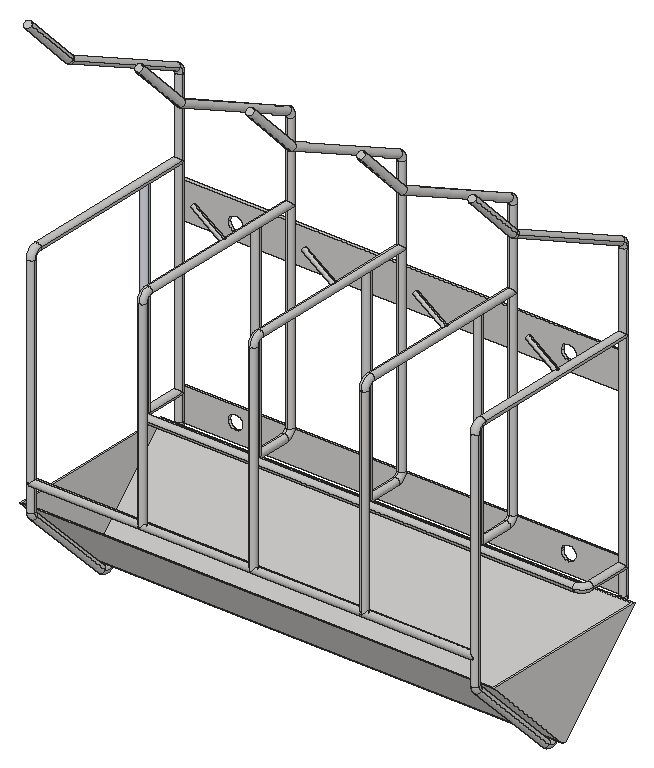
Revit family
Parameters (values of type "610 X 560 X 260")
  URL = "http://www.autospec.co.za/browse.php?id=1644179282"
  Radius Of Rod = 5 mm
  Product Code = "None"
  OmniClass Title = ""
  OmniClass Number = ""
  Modspec Classification = ""
  Specification = ""
  Location (revit room) = ""
  Number Of Pans = if(Count = 1, 2, if(Count = 3, 4, if(Count = 5, 6, 0)))  # 4
  Number Of Bottles = if(Count = 1, 3, if(Count = 3, 5, if(Count = 5, 7, 0)))  # 5
  Model = "Bedpan And Bottle Racks BBR4"
  Material = Stainless Steel Grade 304
  Manufacturer = "Kwikot"  # constant formula
  Length 1 = 600 mm
  Length = Length 1 + Radius Of Rod * 2  # 610 mm
  Height = 560 mm
  Rack_2V = Count > 1  # yes
  Rack_1V = Count = 1  # no
  Distance Between Racks = 150 mm
  Description = ""
  Depth = 260 mm
  Count = (Length - Distance Between Racks) / Distance Between Racks  # 3
  Colour = none
  Body Finish = none
  Assembly Code = "E1090300"
  Array Count = if(Count > 1, Count, 2)  # 3
Reference planes
  plane 1 "Center (Front/Back)": y = 0
  plane 2 "Bottom": z = 0
  plane 3 "Center (Left/Right)": x = 0
  plane 4: x = 157.5
  plane 5: z = 450
  plane 6 "Top": z = 720
  plane 7 "Front": y = -260
  plane 8: y = -130
  plane 9 "Right": x = 607.5
  plane 10: x = 7.5
  plane 11: x = 80
  plane 12: x = 530
  plane 13: y = -130
  plane 14: y = -63
  plane 15: z = 560
Forms (mm)
  Sweep 1, solid, material "Stainless Steel Grade 304" <- "Material"
    path origin (7.5, -1524, 1369.365) x (0, 0, 1) y (0, -1, 0)
      loop
        line (-649.365, -1264) -> (-720.441, -1332.449)
        arc (-720.441, -1332.449) -> (-721.59, -1333.769) -> (-722.492, -1335.268) r 10
        line (-722.492, -1335.268) -> (-809.365, -1513.384)
        arc (-809.365, -1513.384) -> (-813.054, -1517.48) -> (-818.353, -1519) r 10
        line (-818.353, -1519) -> (-1239.365, -1519)
        arc (-1239.365, -1519) -> (-1243.192, -1518.239) -> (-1246.436, -1516.071) r 10
        line (-1246.436, -1516.071) -> (-1361.436, -1401.071)
        arc (-1361.436, -1401.071) -> (-1364.365, -1394) -> (-1361.436, -1386.929) r 10
        line (-1361.436, -1386.929) -> (-1246.436, -1271.929)
        arc (-1246.436, -1271.929) -> (-1243.192, -1269.761) -> (-1239.365, -1269) r 10
        line (-1239.365, -1269) -> (-934.365, -1269)
        arc (-934.365, -1269) -> (-927.294, -1271.929) -> (-924.365, -1279) r 10
        line (-924.365, -1279) -> (-924.365, -1519)
    profile origin (7.5, -5, 340.506) x (1, 0, 0) y (0, 1, 0)
      loop
        circle (0, 0) r 5
  Sweep 2, solid, material "Stainless Steel Grade 304" <- "Material"
    path origin (0, 0, 0) x (1, 0, 0) y (0, 1, 0)
      loop
        line (-12.5, -130) -> (627.5, -130)
    profile origin (307.5, -130, 0) x (0, 1, 0) y (0, 0, 1)
      loop
        arc (-3.536, 13.885) -> (0, 12.421) -> (3.536, 13.885) r 5
        line (3.536, 13.885) -> (119.042, 129.392) -> (-119.042, 129.392) -> (-3.536, 13.885)
  Sweep 3, void
    path origin (0, 0, 0) x (1, 0, 0) y (0, 1, 0)
      loop
        line (-10.2, -130) -> (625.2, -130)
    profile origin (307.5, -130, 0) x (0, 1, 0) y (0, 0, 1)
      loop
        line (117.204, 129.392) -> (-117.204, 129.392) -> (-1.414, 13.602)
        arc (-1.414, 13.602) -> (0, 13.016) -> (1.414, 13.602) r 2
        line (1.414, 13.602) -> (117.204, 129.392)
  Extrusion 4, solid, material "Stainless Steel Grade 304" <- "Material"
    sketch origin (0, 0, 0) x (1, 0, 0) y (0, 0, 1)
      loop
        line (7.5, 420) -> (7.5, 370) -> (607.5, 370) -> (607.5, 420) -> (7.5, 420)
      loop
        line (7.5, 170) -> (7.5, 125) -> (607.5, 125) -> (607.5, 170) -> (7.5, 170)
      loop
        circle (80, 150) r 10
      loop
        circle (80, 390) r 10
      loop
        circle (530, 150) r 10
      loop
        circle (530, 393) r 10
    from 0 to -3
  Sweep 5, solid, material "Stainless Steel Grade 304" <- "Material"
    path origin (0, -260, 1012.14) x (0, 0, 1) y (-1, 0, 0)
      loop
        line (-847.14, -7.5) -> (-847.14, -607.5)
    profile origin (307.5, -260, 165) x (0, 0, 1) y (0, -1, 0)
      loop
        circle (0, -5.008) r 5
  Sweep 6, solid, material "Stainless Steel Grade 304" <- "Material"
    path origin (607.5, 731.65, 1200) x (0, 1, 0) y (0, 0, 1)
      loop
        line (-991.65, -480) -> (-923.201, -551.076)
        arc (-923.201, -551.076) -> (-921.881, -552.225) -> (-920.381, -553.127) r 10
        line (-920.381, -553.127) -> (-742.266, -640)
        arc (-742.266, -640) -> (-738.169, -643.689) -> (-736.65, -648.988) r 10
        line (-736.65, -648.988) -> (-736.65, -1070)
        arc (-736.65, -1070) -> (-737.411, -1073.827) -> (-739.579, -1077.071) r 10
        line (-739.579, -1077.071) -> (-854.579, -1192.071)
        arc (-854.579, -1192.071) -> (-861.65, -1195) -> (-868.721, -1192.071) r 10
        line (-868.721, -1192.071) -> (-983.721, -1077.071)
        arc (-983.721, -1077.071) -> (-985.888, -1073.827) -> (-986.65, -1070) r 10
        line (-986.65, -1070) -> (-986.65, -765)
        arc (-986.65, -765) -> (-983.721, -757.929) -> (-976.65, -755) r 10
        line (-976.65, -755) -> (-736.65, -755)
    profile origin (607.5, -5, 340.506) x (1, 0, 0) y (0, 1, 0)
      loop
        circle (0, 0) r 5
  Sweep 7, solid, material "Stainless Steel Grade 304" <- "Material"
    path origin (0, 0, 0) x (1, 0, 0) y (0, 1, 0)
      loop
        line (7.5, -5) -> (7.5, -63)
        arc (7.5, -63) -> (10.429, -70.071) -> (17.5, -73) r 10
        line (17.5, -73) -> (597.5, -73)
        arc (597.5, -73) -> (604.571, -70.071) -> (607.5, -63) r 10
        line (607.5, -63) -> (607.5, -5)
    profile origin (307.5, -73, 0) x (0, 1, 0) y (0, 0, 1)
      loop
        circle (0, 165) r 5
  Extrusion 8, solid
    sketch origin (-191.181, -1524, 450) x (-1, 0, 0) y (0, -1, 0)
      loop
        circle (-198.681, -1461) r 5
    from -5 to -285
  Sweep 9, solid, material "Stainless Steel Grade 304" <- "Material"
    path origin (0, 0, -3.125) x (1, 0, 0) y (0, 0, 1)
      loop
        line (607.5, 450) -> (566.542, 478.679)
    profile origin (587.021, 0, 461.214) x (-0.573576, 0, -0.819152) y (0, -1, 0)
      loop
        circle (0, 115.333) r 3
Cuts and joins
  Sweep 3 cuts Sweep 1
  Sweep 3 cuts Sweep 2
  joined: Sweep 6, Sweep 9
Dimensions and locks
  Sweep 1 sketch curve to level = 5 mm
  plane 7 "Front" to Sweep 1 sketch curve = 5 mm
  Sweep 1 sketch curve to plane 1 "Center (Front/Back)" = 5 mm
  plane 1 "Center (Front/Back)" to Sweep 1 sketch curve = 5 mm
  plane 6 "Top" to plane 2 "Bottom" = 720 mm
  "Depth": plane 7 "Front" to plane 1 "Center (Front/Back)"
  "Distance Between Racks": plane 4 to plane 10
  "Length 1": plane 9 "Right" to plane 10
  Extrusion 4 sketch curve to plane 2 "Bottom" = 370 mm
  Extrusion 4 sketch curve to Extrusion 4 sketch curve = 50 mm
  Extrusion 4 sketch curve to plane 2 "Bottom" = 125 mm
  Extrusion 4 sketch curve to plane 2 "Bottom" = 150 mm
  plane 11 to plane 3 "Center (Left/Right)" = 80 mm
  Extrusion 4 sketch curve to Extrusion 4 sketch curve = 240 mm
  plane 12 to plane 9 "Right" = 77.5 mm
  Extrusion 4 sketch curve to Extrusion 4 sketch curve = 45 mm
  Sweep 5 sketch curve to plane 2 "Bottom" = 165 mm
  locked: Sweep 7 sketch curve to plane 2 "Bottom" at 165
  plane 1 "Center (Front/Back)" to plane 14 = 63 mm
  equal spacing: group 1, group 2, group 3  (x3)
  plane 15 to plane 5 = 110 mm
  "Height": plane 15 to plane 2 "Bottom"
  Sweep 6 sketch curve to plane 5 = 5 mm
  plane 7 "Front" to Sweep 6 sketch curve = 5 mm
  plane 9 "Right" to Sweep 2 sketch curve = 20 mm
  Sweep 2 sketch curve to plane 10 = 20 mm
  Sweep 3 sketch curve to cut or joined group of Sweep 2, Sweep 3 = 2.3 mm
  cut or joined group of Sweep 2, Sweep 3 to Sweep 3 sketch curve = 2.3 mm
  "Radius Of Rod": radius of Sweep 1 sketch curve
  "Radius Of Rod": radius of Sweep 5 sketch curve
  "Radius Of Rod": radius of Sweep 6 sketch curve
  "Radius Of Rod": radius of Sweep 7 sketch curve
  "Radius Of Rod": radius of Extrusion 8 sketch curve
  angle plane 5 to Sweep 1 sketch curve = 26.00°
  angle Sweep 6 sketch curve to plane 15 = 26.00°
  aligned and locked: plane 2 "Bottom" to level
  aligned and locked: Sweep 2 to Sweep 3 sketch curve
  aligned and locked: profile plane to Sweep 1 sketch curve  (x2)
  aligned and locked: Extrusion 4 sketch curve to plane 9 "Right"  (x2)
  aligned and locked: plane 10 to Extrusion 4 sketch curve  (x2)
  aligned and locked: plane 11 to Extrusion 4 sketch curve  (x2)
  aligned and locked: plane 12 to Extrusion 4 sketch curve  (x2)
  aligned and locked: plane 9 "Right" to Sweep 5 sketch curve
  aligned and locked: plane 10 to Sweep 5 sketch curve
  aligned and locked: profile plane to Sweep 6 sketch curve  (x2)
  aligned and locked: plane 10 to Sweep 7 sketch curve
  aligned and locked: plane 9 "Right" to Sweep 7 sketch curve
  aligned and locked: profile plane to Sweep 7 sketch curve
  aligned and locked: profile plane to Sweep 5 sketch curve
  aligned and locked: plane 10 to Extrusion 8 sketch curve
  aligned and locked: plane 14 to Extrusion 8 sketch curve
  aligned and locked: plane 3 "Center (Left/Right)" to nested 1
  aligned and locked: plane 1 "Center (Front/Back)" to nested 1
  aligned and locked: plane 3 "Center (Left/Right)" to nested 2
  aligned and locked: plane 1 "Center (Front/Back)" to nested 2
  aligned and locked: plane 15 to Sweep 1 sketch curve
  aligned and locked: plane 7 "Front" to Sweep 1 sketch curve
  aligned and locked: plane 6 "Top" to Sweep 1 sketch curve
  aligned and locked: plane 15 to Sweep 6 sketch curve
  aligned and locked: plane 6 "Top" to Sweep 6 sketch curve
  aligned and locked: plane 7 "Front" to Sweep 6 sketch curve
Automatic sketch dimensions
  Sweep 2 sketch curve to profile plane = 0 mm
  profile plane to Sweep 2 sketch curve = 3.536 mm
  profile plane to Sweep 2 sketch curve = 119.042 mm
  Sweep 2 sketch curve to profile plane = 3.536 mm
  Sweep 2 sketch curve to profile plane = 119.042 mm
  level to Sweep 2 sketch curve = 13.885 mm
  Sweep 2 sketch curve to Sweep 2 sketch curve = 3.536 mm
  level to Sweep 2 sketch curve = 129.392 mm
  Sweep 3 sketch curve to profile plane = 0 mm
  profile plane to Sweep 3 sketch curve = 1.414 mm
  profile plane to Sweep 3 sketch curve = 117.204 mm
  Sweep 3 sketch curve to profile plane = 1.414 mm
  Sweep 3 sketch curve to profile plane = 117.204 mm
  plane 2 "Bottom" to Sweep 3 sketch curve = 15.016 mm
  Sweep 3 sketch curve to Sweep 3 sketch curve = 1.414 mm
  Extrusion 4 sketch curve to Extrusion 4 sketch curve = 20 mm
  Extrusion 4 sketch curve to plane 5 = 57 mm
  Sweep 5 sketch curve to plane 7 "Front" = 5.008 mm
  plane 10 to Sweep 7 sketch curve = 10 mm
  Sweep 7 sketch curve to plane 9 "Right" = 10 mm
  plane 1 "Center (Front/Back)" to Sweep 7 sketch curve = 73 mm
  plane 1 "Center (Front/Back)" to Sweep 7 sketch curve = 5 mm  (x2)
  Sweep 1 sketch curve to plane 8 = 0 mm
  Sweep 1 sketch curve to plane 5 = 5 mm
  Sweep 1 sketch curve to Sweep 1 sketch curve = 10 mm
  Sweep 1 sketch curve to plane 7 "Front" = 15 mm
  level to Sweep 1 sketch curve = 130 mm  (x2)
  plane 1 "Center (Front/Back)" to Sweep 1 sketch curve = 15 mm
  Sweep 1 sketch curve to Sweep 1 sketch curve = 7.071 mm
  plane 1 "Center (Front/Back)" to Sweep 1 sketch curve = 7.929 mm
  level to Sweep 1 sketch curve = 15 mm
  plane 8 to Sweep 1 sketch curve = 7.071 mm
  Sweep 1 sketch curve to plane 8 = 7.071 mm
  Sweep 1 sketch curve to Sweep 1 sketch curve = 2.051 mm
  Sweep 1 sketch curve to Sweep 1 sketch curve = 8.988 mm
  Sweep 1 sketch curve to Sweep 1 sketch curve = 5.616 mm
  Sweep 1 sketch curve to Sweep 1 sketch curve = 4.384 mm
  plane 8 to Sweep 1 sketch curve = 58.732 mm
  Sweep 1 sketch curve to plane 15 = 8.988 mm
  Sweep 6 sketch curve to plane 13 = 0 mm
  Sweep 6 sketch curve to Sweep 6 sketch curve = 2.929 mm
  Sweep 6 sketch curve to Sweep 6 sketch curve = 10 mm
  Sweep 6 sketch curve to Sweep 6 sketch curve = 7.071 mm
  plane 13 to Sweep 6 sketch curve = 61.551 mm
  Sweep 6 sketch curve to Sweep 6 sketch curve = 2.819 mm
  Sweep 6 sketch curve to Sweep 6 sketch curve = 7.203 mm
  plane 13 to Sweep 6 sketch curve = 7.071 mm
  Sweep 6 sketch curve to plane 13 = 7.071 mm
  plane 1 "Center (Front/Back)" to Sweep 6 sketch curve = 15 mm  (x2)
  Sweep 6 sketch curve to Sweep 6 sketch curve = 4.384 mm
  plane 1 "Center (Front/Back)" to Sweep 6 sketch curve = 7.929 mm
  level to Sweep 6 sketch curve = 130 mm  (x2)
  level to Sweep 6 sketch curve = 15 mm
  level to Sweep 6 sketch curve = 7.929 mm
  Sweep 6 sketch curve to Sweep 6 sketch curve = 2.051 mm
  Sweep 6 sketch curve to plane 15 = 8.988 mm
  Sweep 9 sketch curve to plane 5 = 3.125 mm
  Sweep 9 sketch curve to plane 9 "Right" = 0 mm
  Sweep 9 sketch curve to plane 9 "Right" = 40.958 mm
  plane 5 to Sweep 9 sketch curve = 25.554 mm
  Sweep 9 sketch curve to profile plane = 0 mm
  plane 1 "Center (Front/Back)" to Sweep 9 sketch curve = 115.333 mm
  plane 1 "Center (Front/Back)" to Sweep 2 sketch curve = 130 mm
  plane 1 "Center (Front/Back)" to Sweep 3 sketch curve = 130 mm
  radius of Extrusion 4 sketch curve = 10 mm  (x4)
  radius of Sweep 9 sketch curve = 3 mm
Nested families
  nested 1: "Rack" at (0, 0, 0), visible <- "Rack_2V", Radius Of Rod <- "Radius Of Rod", type "Rack"
    with Radius Of Rod 5 mm
  nested 2: "Rack" at (0, 0, 0), visible <- "Rack_1V", Radius Of Rod <- "Radius Of Rod", type "Rack"
    with Radius Of Rod 5 mm
  nested 3: "Rack" at (150, 0, 0), visible <- "Rack_2V", Radius Of Rod <- "Radius Of Rod", type "Rack"
    with Radius Of Rod 5 mm
  nested 4: "Rack" at (300, 0, 0), visible <- "Rack_2V", Radius Of Rod <- "Radius Of Rod", type "Rack"
    with Radius Of Rod 5 mm
Definition of nested family "Rack"
  Parameters (values of type "Rack")
    URL = ""
    Radius Of Rod [instance] = 7.5 mm
    Material = Stainless Steel Grade 304
    Manufacturer = ""
    Height = 560 mm
    Description = ""
    Depth = 260 mm
  Reference planes
    plane 1 "Center (Front/Back)": y = 0
    plane 2: z = 0
    plane 3 "Center (Left/Right)": x = 0
    plane 4: x = 157.5
    plane 5: z = 450
    plane 6: z = 720
    plane 7: y = -260
    plane 8: x = 7.5
    plane 9: y = -63
    plane 10: z = 560
  Forms (mm)
    Sweep 1, solid, material "Stainless Steel Grade 304" <- "Material"
      path origin (157.5, 731.65, 1200) x (0, 1, 0) y (0, 0, 1)
        loop
          line (-804.65, -1035) -> (-746.65, -1035)
          arc (-746.65, -1035) -> (-739.579, -1032.071) -> (-736.65, -1025) r 10
          line (-736.65, -1025) -> (-736.65, -648.988)
          arc (-736.65, -648.988) -> (-738.169, -643.689) -> (-742.266, -640) r 10
          line (-742.266, -640) -> (-922.024, -552.326) -> (-991.65, -480)
      profile origin (157.5, -5, 363.006) x (0, -1, 0) y (1, 0, 0)
        loop
          circle (0, 0) r 7.5
    Sweep 2, solid, material "Stainless Steel Grade 304" <- "Material"
      path origin (157.5, 731.65, 1200) x (0, 1, 0) y (0, 0, 1)
        loop
          line (-991.65, -1035) -> (-991.65, -765)
          arc (-991.65, -765) -> (-987.256, -754.393) -> (-976.65, -750) r 15
          line (-976.65, -750) -> (-736.65, -750)
      profile origin (157.5, -260, 300) x (0, -1, 0) y (1, 0, 0)
        loop
          circle (-5, 0) r 7.5
    Extrusion 3, solid, material "Stainless Steel Grade 304" <- "Material"
      sketch origin (-41.181, -1524, 450) x (-1, 0, 0) y (0, -1, 0)
        loop
          circle (-198.681, -1461) r 7.5
      from -5 to -285
    Sweep 4, solid, material "Stainless Steel Grade 304" <- "Material"
      path origin (0, 0, 0) x (1, 0, 0) y (0, 0, 1)
        loop
          line (157.5, 450) -> (116.542, 478.679)
      profile origin (137.021, 0, 464.339) x (-0.573576, 0, -0.819152) y (0, -1, 0)
        loop
          circle (3.75, 115.296) r 3
  Dimensions and locks
    plane 6 to plane 2 = 720 mm
    "Depth": plane 7 to plane 1 "Center (Front/Back)"
    plane 4 to plane 8 = 150 mm
    Sweep 1 sketch curve to plane 2 = 165 mm
    locked: Sweep 1 sketch curve to plane 1 "Center (Front/Back)" at 5
    Sweep 1 sketch curve to plane 1 "Center (Front/Back)" = 73 mm
    plane 7 to Sweep 2 sketch curve = 5 mm
    "Height": plane 10 to plane 2
    plane 10 to plane 5 = 110 mm
    "Radius Of Rod": radius of Sweep 2 sketch curve
    "Radius Of Rod": radius of Extrusion 3 sketch curve
    "Radius Of Rod": radius of Sweep 1 sketch curve
    angle Sweep 1 sketch curve to plane 5 = 26.00°
    aligned and locked: level to plane 2
    aligned and locked: plane 4 to Sweep 1 sketch curve
    aligned and locked: profile plane to Sweep 1 sketch curve
    aligned and locked: plane 7 to Sweep 2 sketch curve
    aligned and locked: plane 5 to Sweep 2 sketch curve
    aligned and locked: plane 4 to Sweep 2 sketch curve
    aligned and locked: plane 9 to Extrusion 3 sketch curve
    aligned and locked: plane 5 to Sweep 4 sketch curve
    aligned and locked: plane 4 to Sweep 4 sketch curve
    aligned and locked: plane 10 to Sweep 1 sketch curve
    aligned and locked: plane 6 to Sweep 1 sketch curve
    aligned and locked: plane 7 to Sweep 1 sketch curve
  Automatic sketch dimensions
    Sweep 2 sketch curve to plane 5 = 15 mm
    level to Sweep 2 sketch curve = 165 mm
    Extrusion 3 sketch curve to plane 4 = 0 mm
    plane 1 "Center (Front/Back)" to Sweep 2 sketch curve = 5 mm
    Sweep 4 sketch curve to profile plane = 3.75 mm
    plane 1 "Center (Front/Back)" to Sweep 4 sketch curve = 115.296 mm
    Sweep 4 sketch curve to plane 4 = 40.958 mm
    plane 5 to Sweep 4 sketch curve = 28.679 mm
    Sweep 1 sketch curve to plane 7 = 69.625 mm
    Sweep 1 sketch curve to Sweep 1 sketch curve = 10 mm  (x2)
    Sweep 1 sketch curve to plane 10 = 8.988 mm
    radius of Sweep 4 sketch curve = 3 mm
